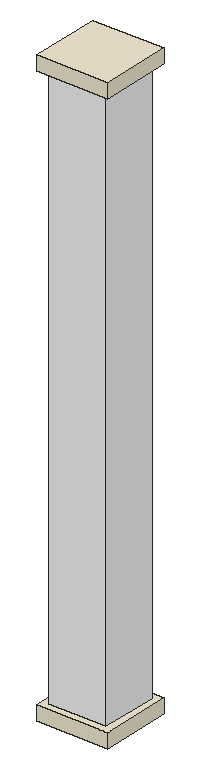
Revit family "Column_Square", category Generic Models, Revit 2026
Family settings
  Can host rebar = No
  Round Connector Dimension = Use Diameter
  Part Type = Normal
  Classification Number = 23.25.30.11.14.11
  Work Plane-Based = No
  Always vertical = Yes
  Cut with Voids When Loaded = No
  Maintain Annotation Orientation = No
  Shared = No
  Room Calculation Point = No
Parameters (values of type "6"")
  Warranty Duration (Years) = 0
  Test Data = ""
  Specification = "http://www.arcat.com/divs/sec/sec06440.shtml"
  Sales Information = ""
  Product Properties = "http://www.arcat.com/bim/bim_info.pl?fn=Column_Square"
  Product Data = "http://www.arcat.com/divs/sec/sec06440.shtml"
  Model = "Generic"  # constant formula
  Manufacturer Website = "http://www.arcat.com/"
  Manufacturer Phone - Toll Free = ""
  Manufacturer Phone = "(203) 929-9444"  # constant formula
  Manufacturer Fax = "(203) 939-2444"  # constant formula
  Manufacturer Email = "bim@arcat.com"  # constant formula
  Manufacturer Address = "1077 Bridgeport Ave, Shelton, CT  06484"  # constant formula
  Manufacturer = "Generic"  # constant formula
  Maintenance Schedule (Months) = 0
  Keynote = "06440"
  Installation_Fabricaton = ""
  Installation Phase = ""
  Height = 7' - 0"
  Green Building-LEED = "http://www.arcat.com/green/green_building.shtml"
  Finish = none
  Expected Lifespan (Years) = 0
  Drawn By = "Robert S. Weygant. CSI, CDT, SCIP"  # constant formula
  Radius = Column Size / 2  # 0' - 4"
  Description = "6\" Square Column"
  Default Elevation = 0' - 0"
  Coulmn Wall Thickness = 0' - 0 1/2"
  Copyright = "2008, ARCAT, Inc."  # constant formula
  Construction Details = "http://www.arcat.com/divs/sec/sec06440.shtml"
  Column Material = ARCAT - Plastic - Glass-Fiber Reinforced - White
  Column Size = 0' - 8"
  Building Codes = ""
  Base-Capital Size = Column Size + 0' 2"  # 0' - 10"
  Base-Capital Material = ARCAT - Plastic - Glass-Fiber Reinforced - Tan
  Base-Capital Depth = 0' - 2"
  Axial Load Capacity = 7000.00 lbf
  Assembly Code = "C3010300"
Types (3): name | Radius | Description | Column Size | Base-Capital Size | Axial Load Capacity
  10" | 0' - 5" | "10\" Square Column" | 0' - 10" | 1' - 0" | 12000.00 lbf
  8" | 0' - 4" | "10\" Square Column" | 0' - 8" | 0' - 10" | 9000.00 lbf
  6" | 0' - 4" | "6\" Square Column" | 0' - 8" | 0' - 10" | 7000.00 lbf
Reference planes (in)
  plane 1 "Center (Front/Back)": y = 1
  plane 2: z = 0
  plane 3 "Center (Left/Right)": x = -1
  plane 4: z = 84
  plane 5: z = 42
  plane 6: z = 82
  plane 7: z = 2
  plane 8: x = -5
  plane 9: x = 3
  plane 10: y = 5
  plane 11: y = -3
Forms (in)
  Extrusion 1, solid, material "ARCAT - Plastic - Glass-Fiber Reinforced - Tan" <- "Base-Capital Material"
    sketch origin (0, 0, 0) x (1, 0, 0) y (0, 1, 0)
      loop
        line (-6, 6) -> (-6, -4) -> (4, -4) -> (4, 6) -> (-6, 6)
    from 0 to 2
  Extrusion 2, solid, material "ARCAT - Plastic - Glass-Fiber Reinforced - Tan" <- "Base-Capital Material"
    sketch origin (0, 0, 83.25) x (1, 0, 0) y (0, 1, 0)
      loop
        line (-6, 6) -> (-6, -4) -> (4, -4) -> (4, 6) -> (-6, 6)
    from -1.25 to 0.75
  Extrusion 3, solid, material "ARCAT - Plastic - Glass-Fiber Reinforced - White" <- "Column Material"
    sketch origin (0, 0, 0) x (1, 0, 0) y (0, 1, 0)
      loop
        line (-5, 5) -> (-5, -3) -> (3, -3) -> (3, 5) -> (-5, 5)
      loop
        line (-4.5, 4.5) -> (-4.5, -2.5) -> (2.5, -2.5) -> (2.5, 4.5) -> (-4.5, 4.5)
    from 2 to 82
Dimensions and locks (in)
  "Height": plane 4 to level
  equal spacing: plane 4, plane 5, level
  "Base-Capital Depth": plane 4 to plane 6
  "Base-Capital Depth": plane 7 to level
  equal spacing: plane 8, plane 3 "Center (Left/Right)", plane 9
  equal spacing: plane 10, plane 1 "Center (Front/Back)", plane 11
  "Column Size": plane 10 to plane 11
  "Column Size": plane 8 to plane 9
  equal spacing: Extrusion 1 sketch curve, plane 3 "Center (Left/Right)", Extrusion 1 sketch curve
  "Base-Capital Size": Extrusion 1 sketch curve to Extrusion 1 sketch curve  (x2)
  equal spacing: Extrusion 1 sketch curve, plane 1 "Center (Front/Back)", Extrusion 1 sketch curve
  equal spacing: Extrusion 2 sketch curve, plane 3 "Center (Left/Right)", Extrusion 2 sketch curve
  equal spacing: Extrusion 2 sketch curve, plane 1 "Center (Front/Back)", Extrusion 2 sketch curve
  "Base-Capital Size": Extrusion 2 sketch curve to Extrusion 2 sketch curve  (x2)
  "Coulmn Wall Thickness": Extrusion 3 sketch curve to Extrusion 3 sketch curve  (x4)
  aligned and locked: plane 7 to Extrusion 1
  aligned and locked: plane 4 to Extrusion 2
  aligned and locked: Extrusion 2 to plane 6
  aligned and locked: plane 8 to Extrusion 3 sketch curve
  aligned and locked: Extrusion 3 sketch curve to plane 10
  aligned and locked: plane 11 to Extrusion 3 sketch curve
  aligned and locked: Extrusion 3 sketch curve to plane 9
  aligned and locked: plane 6 to Extrusion 3
  aligned and locked: Extrusion 3 to plane 7
